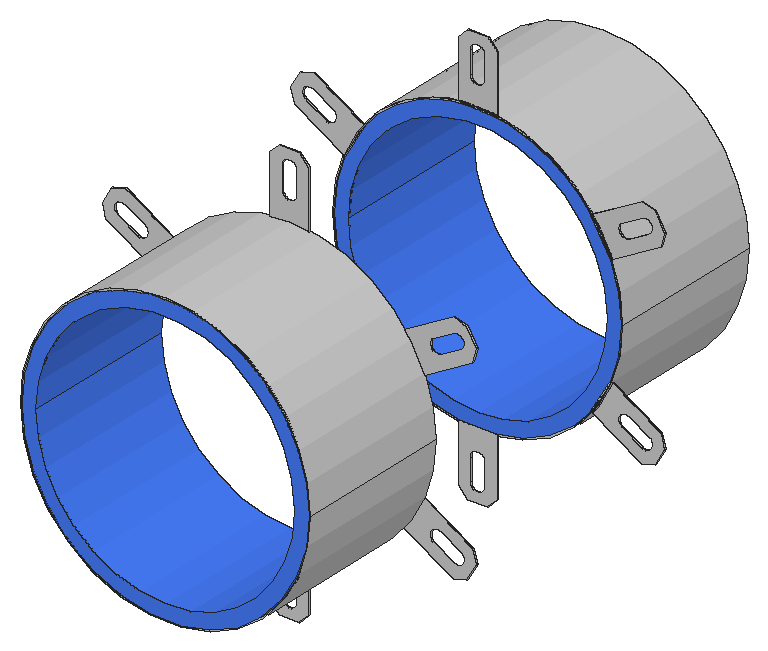
Revit family "Firestop-Wrap_Strip-STI-Series_SS_WBLU2_Sealant_6_to_12_wall", category Specialty Equipment, host Wall, Revit 2026
Family settings
  Host = Wall
  Round Connector Dimension = Use Diameter
  Part Type = Normal
  Classification Number = 23.20.50.14.11
  Enable Cutting in Views = No
  Always vertical = Yes
  Cut with Voids When Loaded = No
  Maintain Annotation Orientation = No
  Shared = No
  Room Calculation Point = No
Parameters (values of type "06 Pipe")
  Tested Systems = "http://sti.fmpdata.net/system_search.html"
  Systems  (See "Tested Systems" for addtional) = ""
  Product Page URL = "http://www.stifirestop.com/products/product-selector/ssw-intumescent-wrap-strip/"
  Product Documentation Link = "http://files.systems.stifirestop.com/4.%20Product%20Data%20Sheets/1.%20English/PDS_SSW125,%20SSW250,%20SSW375%20Wrap%20Strip.pdf"
  Pipe OD = 0' - 6 5/8"
  Material = ""
  Manufacturer Phone No. = "800.992.1180"
  Manufacturer Fax No. = "908.526.9623"
  Manufacture Address = "210 Evans Way, Somerville, NJ 08876"
  MSDS = "http://files.systems.stifirestop.com/5.%20Safety%20Data%20Sheet/1.%20English/SDS_BLU2%20Wrap%20Strip.pdf"
  Locate Distributor = "http://www.stifirestop.com/"
  Guide Specification = "http://www.stifirestop.com/technical-library/sti-guide-specs/"
  Green Building/LEED® Information = "http://sti.fmpdata.net/ftp/letters/General_LEED_Letter.pdf"
  Firestop-STI-Intumescent-Blue = RAP BULE
  URL = "http://www.stifirestop.com/"
  Stack Height = 0' - 4"
  Screw hole Width = 0' - 0 3/8"
  Mounting tabs small Width = 0' - 0 1/2"
  Mounting tabs large Width = 0' - 1"
  Mounting tab ID = 0' - 3 163/256"
  Model = "SSWBLU2"
  Manufacturer = "Specified Technologies Inc."
  ID of Collar = 0' - 7 3/8"
  Fire Rating = "Up to 4 Hr"
  Description = "BLU2 Wrap Strip (2\" X 1/8\" X 12')"
  Default Elevation = 0' - 0"
  Contact Technical Service = "http://www.stifirestop.com/contact/"
  Contact Sales = "http://www.stifirestop.com/contact/"
  Galvanized-STI-Steel-Collar = Collar
  Color = ""
  Assembly Code = "D4030900"
Types (5): name | Pipe OD | Material | Stack Height | Mounting tab ID | ID of Collar | Color
  (no name) | 0' - 6 5/8" | "" | 0' - 4" | 0' - 3 163/256" | 0' - 7 3/8" | ""
  06 Pipe | 0' - 6 5/8" | "" | 0' - 4" | 0' - 3 163/256" | 0' - 7 3/8" | ""
  08 Pipe | 0' - 8 5/8" | "" | 0' - 4" | 0' - 4 195/256" | 0' - 9 5/8" | ""
  10 pipe | 0' - 10 3/4" | "" | 0' - 5" | 0' - 5 211/256" | 0' - 11 3/4" | ""
  12 Pipe | 1' - 0 3/4" | "Flexible intumescent strip faced with plastic" | 0' - 5" | 0' - 6 243/256" | 1' - 2" | "BLUE"
Reference planes (in)
  plane 1: y = 0
  plane 2 "Center (Left/Right)": x = 0
  plane 3 "Wall Edge": y = 3
  plane 4: z = 72.74094
  plane 5: x = 3.3125
  plane 6: z = 76.05344
  plane 7: z = 69.42844
  plane 8: x = -3.3125
  plane 9: x = 3.6875
  plane 10: z = 76.80344
  plane 11: z = 68.67844
  plane 12: x = -3.6875
  plane 13: y = 7
  plane 14: z = 78.12766
  plane 15: z = 76.37766
  plane 16: x = 0.5
  plane 17: x = -0.5
  plane 18: z = 77.87766
  plane 19: x = 0.25
  plane 20: x = -0.25
  plane 21: x = 0.1875
  plane 22: x = -0.1875
  plane 23: z = 77.69016
  plane 24: z = 77.12766
  plane 25: y = 3.024
  plane 26: through (-4.82984, 9, 75.52946) normal (-0.5, 0, -0.866)
  plane 27: y = -6.99275
  plane 28: y = -3.024
  plane 29: z = 67.35423
  plane 30: z = 69.10423
  plane 31: x = 0.5
  plane 32: x = -0.5
  plane 33: z = 67.60423
  plane 34: x = 0.25
  plane 35: x = -0.25
  plane 36: x = 0.1875
  plane 37: x = -0.1875
  plane 38: z = 67.79173
  plane 39: z = 68.35423
  plane 40: through (9.97658, 9, 44.68756) normal (0.866, 0, 0.5)
  plane 41: through (11.49213, 9, 45.56256) normal (0.866, 0, 0.5)
  plane 42: through (-2.86547, 9, 70.50921) normal (-0.5, 0, 0.866)
  plane 43: through (-3.36547, 9, 71.37524) normal (-0.5, 0, 0.866)
  plane 44: through (10.19309, 9, 44.81256) normal (0.866, 0, 0.5)
  plane 45: through (-2.99047, 9, 70.72572) normal (-0.5, 0, 0.866)
  plane 46: through (-3.24047, 9, 71.15873) normal (-0.5, 0, 0.866)
  plane 47: through (-3.02172, 9, 70.77984) normal (-0.5, 0, 0.866)
  plane 48: through (-3.20922, 9, 71.1046) normal (-0.5, 0, 0.866)
  plane 49: through (10.35547, 9, 44.90631) normal (0.866, 0, 0.5)
  plane 50: through (10.84261, 9, 45.18756) normal (0.866, 0, 0.5)
  plane 51: through (19.30665, 9, 50.07428) normal (0.866, 0, 0.5)
  plane 52: through (17.79111, 9, 49.19928) normal (0.866, 0, 0.5)
  plane 53: through (3.36547, 9, 74.10665) normal (0.5, 0, -0.866)
  plane 54: through (2.86547, 9, 74.97268) normal (0.5, 0, -0.866)
  plane 55: through (19.09015, 9, 49.94928) normal (0.866, 0, 0.5)
  plane 56: through (3.24047, 9, 74.32316) normal (0.5, 0, -0.866)
  plane 57: through (2.99047, 9, 74.75617) normal (0.5, 0, -0.866)
  plane 58: through (3.20922, 9, 74.37728) normal (0.5, 0, -0.866)
  plane 59: through (3.02172, 9, 74.70204) normal (0.5, 0, -0.866)
  plane 60: through (18.92777, 9, 49.85553) normal (0.866, 0, 0.5)
  plane 61: through (18.44063, 9, 49.57428) normal (0.866, 0, 0.5)
  plane 62: through (-9.97658, 9, 44.68756) normal (0.866, 0, -0.5)
  plane 63: through (-11.49213, 9, 45.56256) normal (0.866, 0, -0.5)
  plane 64: through (2.86547, 9, 70.50921) normal (-0.5, 0, -0.866)
  plane 65: through (3.36547, 9, 71.37524) normal (-0.5, 0, -0.866)
  plane 66: through (-10.19309, 9, 44.81256) normal (0.866, 0, -0.5)
  plane 67: through (2.99047, 9, 70.72572) normal (-0.5, 0, -0.866)
  plane 68: through (3.24047, 9, 71.15873) normal (-0.5, 0, -0.866)
  plane 69: through (3.02172, 9, 70.77984) normal (-0.5, 0, -0.866)
  plane 70: through (3.20922, 9, 71.1046) normal (-0.5, 0, -0.866)
  plane 71: through (-10.35547, 9, 44.90631) normal (0.866, 0, -0.5)
  plane 72: through (-10.84261, 9, 45.18756) normal (0.866, 0, -0.5)
  plane 73: through (9.97658, 9, 100.79433) normal (-0.866, 0, 0.5)
  plane 74: through (11.49213, 9, 99.91933) normal (-0.866, 0, 0.5)
  plane 75: through (-2.86547, 9, 74.97268) normal (0.5, 0, 0.866)
  plane 76: through (-3.36547, 9, 74.10665) normal (0.5, 0, 0.866)
  plane 77: through (10.19309, 9, 100.66933) normal (-0.866, 0, 0.5)
  plane 78: through (-2.99047, 9, 74.75617) normal (0.5, 0, 0.866)
  plane 79: through (-3.24047, 9, 74.32316) normal (0.5, 0, 0.866)
  plane 80: through (-3.02172, 9, 74.70204) normal (0.5, 0, 0.866)
  plane 81: through (-3.20922, 9, 74.37728) normal (0.5, 0, 0.866)
  plane 82: through (10.35547, 9, 100.57558) normal (-0.866, 0, 0.5)
  plane 83: through (10.84261, 9, 100.29433) normal (-0.866, 0, 0.5)
  plane 84: through (14.64162, 9, 98.10097) normal (-0.866, 0, 0.5)
  plane 85: x = 3.71875
  plane 86: x = -3.71875
  plane 87: through (-4.81727, 9, 69.95969) normal (0.5, 0, -0.866)
  plane 88: through (4.81727, 9, 69.95969) normal (0.5, 0, 0.866)
  plane 89: through (4.81727, 9, 75.52219) normal (-0.5, 0, 0.866)
  plane 90: through (14.64162, 9, 47.38092) normal (0.866, 0, 0.5)
  plane 91: y = -2.99275
Forms (in)
  Extrusion 1, solid, material "Collar" <- "Galvanized-STI-Steel-Collar"
    sketch origin (0, 3, 0) x (1, 0, 0) y (0, 0, 1)
      loop
        line (0.5, 77.87766) -> (0.25, 78.12766) -> (-0.25, 78.12766) -> (-0.5, 77.87766) -> (-0.5, 76.37766) -> (0.5, 76.37766) -> (0.5, 77.87766)
      loop
        arc (0.1875, 77.69016) -> (0, 77.87766) -> (-0.1875, 77.69016) r 0.1875
        line (-0.1875, 77.69016) -> (-0.1875, 77.12766)
        arc (-0.1875, 77.12766) -> (0, 76.94016) -> (0.1875, 77.12766) r 0.1875
        line (0.1875, 77.12766) -> (0.1875, 77.69016)
    from -0.024 to 0
  Extrusion 2, solid, material "Collar" <- "Galvanized-STI-Steel-Collar"
    sketch origin (0, 3, 145.48189) x (1, 0, 0) y (0, 0, 1)
      loop
        line (0.5, -77.87766) -> (0.5, -76.37766) -> (-0.5, -76.37766) -> (-0.5, -77.87766) -> (-0.25, -78.12766) -> (0.25, -78.12766) -> (0.5, -77.87766)
      loop
        line (0.1875, -77.69016) -> (0.1875, -77.12766)
        arc (0.1875, -77.12766) -> (0, -76.94016) -> (-0.1875, -77.12766) r 0.1875
        line (-0.1875, -77.12766) -> (-0.1875, -77.69016)
        arc (-0.1875, -77.69016) -> (0, -77.87766) -> (0.1875, -77.69016) r 0.1875
    from -0.024 to 0
  Extrusion 3, solid, material "Collar" <- "Galvanized-STI-Steel-Collar"
    sketch origin (62.99551, 3, 109.11142) x (0.5, 0, -0.866025) y (0.866025, 0, 0.5)
      loop
        line (0.5, -77.87766) -> (0.5, -76.37766) -> (-0.5, -76.37766) -> (-0.5, -77.87766) -> (-0.25, -78.12766) -> (0.25, -78.12766) -> (0.5, -77.87766)
      loop
        line (0.1875, -77.69016) -> (0.1875, -77.12766)
        arc (0.1875, -77.12766) -> (0, -76.94016) -> (-0.1875, -77.12766) r 0.1875
        line (-0.1875, -77.12766) -> (-0.1875, -77.69016)
        arc (-0.1875, -77.69016) -> (0, -77.87766) -> (0.1875, -77.69016) r 0.1875
    from -0.024 to 0
  Extrusion 4, solid, material "Collar" <- "Galvanized-STI-Steel-Collar"
    sketch origin (62.99551, 3, 36.37047) x (0.5, 0, 0.866025) y (-0.866025, 0, 0.5)
      loop
        line (0.5, 77.87766) -> (0.25, 78.12766) -> (-0.25, 78.12766) -> (-0.5, 77.87766) -> (-0.5, 76.37766) -> (0.5, 76.37766) -> (0.5, 77.87766)
      loop
        arc (0.1875, 77.69016) -> (0, 77.87766) -> (-0.1875, 77.69016) r 0.1875
        line (-0.1875, 77.69016) -> (-0.1875, 77.12766)
        arc (-0.1875, 77.12766) -> (0, 76.94016) -> (0.1875, 77.12766) r 0.1875
        line (0.1875, 77.12766) -> (0.1875, 77.69016)
    from -0.024 to 0
  Extrusion 5, solid, material "Collar" <- "Galvanized-STI-Steel-Collar"
    sketch origin (-62.99551, 3, 109.11142) x (-0.5, 0, -0.866025) y (0.866025, 0, -0.5)
      loop
        line (0.5, 77.87766) -> (0.25, 78.12766) -> (-0.25, 78.12766) -> (-0.5, 77.87766) -> (-0.5, 76.37766) -> (0.5, 76.37766) -> (0.5, 77.87766)
      loop
        arc (0.1875, 77.69016) -> (0, 77.87766) -> (-0.1875, 77.69016) r 0.1875
        line (-0.1875, 77.69016) -> (-0.1875, 77.12766)
        arc (-0.1875, 77.12766) -> (0, 76.94016) -> (0.1875, 77.12766) r 0.1875
        line (0.1875, 77.12766) -> (0.1875, 77.69016)
    from -0.024 to 0
  Extrusion 6, solid, material "Collar" <- "Galvanized-STI-Steel-Collar"
    sketch origin (-62.99551, 3, 36.37047) x (-0.5, 0, 0.866025) y (-0.866025, 0, -0.5)
      loop
        line (0.5, -77.87766) -> (0.5, -76.37766) -> (-0.5, -76.37766) -> (-0.5, -77.87766) -> (-0.25, -78.12766) -> (0.25, -78.12766) -> (0.5, -77.87766)
      loop
        line (0.1875, -77.69016) -> (0.1875, -77.12766)
        arc (0.1875, -77.12766) -> (0, -76.94016) -> (-0.1875, -77.12766) r 0.1875
        line (-0.1875, -77.12766) -> (-0.1875, -77.69016)
        arc (-0.1875, -77.69016) -> (0, -77.87766) -> (0.1875, -77.69016) r 0.1875
    from -0.024 to 0
  Extrusion 7, solid, material "Collar" <- "Galvanized-STI-Steel-Collar"
    sketch origin (0, -3, 0) x (1, 0, 0) y (0, 0, -1)
      loop
        line (0.5, -77.87766) -> (0.5, -76.37766) -> (-0.5, -76.37766) -> (-0.5, -77.87766) -> (-0.25, -78.12766) -> (0.25, -78.12766) -> (0.5, -77.87766)
      loop
        line (0.1875, -77.69016) -> (0.1875, -77.12766)
        arc (0.1875, -77.12766) -> (0, -76.94016) -> (-0.1875, -77.12766) r 0.1875
        line (-0.1875, -77.12766) -> (-0.1875, -77.69016)
        arc (-0.1875, -77.69016) -> (0, -77.87766) -> (0.1875, -77.69016) r 0.1875
    from -0.024 to 0
  Extrusion 8, solid, material "Collar" <- "Galvanized-STI-Steel-Collar"
    sketch origin (0, -3, 145.48189) x (1, 0, 0) y (0, 0, -1)
      loop
        line (0.5, 77.87766) -> (0.25, 78.12766) -> (-0.25, 78.12766) -> (-0.5, 77.87766) -> (-0.5, 76.37766) -> (0.5, 76.37766) -> (0.5, 77.87766)
      loop
        arc (0.1875, 77.69016) -> (0, 77.87766) -> (-0.1875, 77.69016) r 0.1875
        line (-0.1875, 77.69016) -> (-0.1875, 77.12766)
        arc (-0.1875, 77.12766) -> (0, 76.94016) -> (0.1875, 77.12766) r 0.1875
        line (0.1875, 77.12766) -> (0.1875, 77.69016)
    from -0.024 to 0
  Extrusion 9, solid, material "Collar" <- "Galvanized-STI-Steel-Collar"
    sketch origin (62.99551, -3, 109.11142) x (0.5, 0, -0.866025) y (-0.866025, 0, -0.5)
      loop
        line (0.5, 77.87766) -> (0.25, 78.12766) -> (-0.25, 78.12766) -> (-0.5, 77.87766) -> (-0.5, 76.37766) -> (0.5, 76.37766) -> (0.5, 77.87766)
      loop
        arc (0.1875, 77.69016) -> (0, 77.87766) -> (-0.1875, 77.69016) r 0.1875
        line (-0.1875, 77.69016) -> (-0.1875, 77.12766)
        arc (-0.1875, 77.12766) -> (0, 76.94016) -> (0.1875, 77.12766) r 0.1875
        line (0.1875, 77.12766) -> (0.1875, 77.69016)
    from -0.024 to 0
  Extrusion 10, solid, material "Collar" <- "Galvanized-STI-Steel-Collar"
    sketch origin (62.99551, -3, 36.37047) x (0.5, 0, 0.866025) y (0.866025, 0, -0.5)
      loop
        line (0.5, -77.87766) -> (0.5, -76.37766) -> (-0.5, -76.37766) -> (-0.5, -77.87766) -> (-0.25, -78.12766) -> (0.25, -78.12766) -> (0.5, -77.87766)
      loop
        line (0.1875, -77.69016) -> (0.1875, -77.12766)
        arc (0.1875, -77.12766) -> (0, -76.94016) -> (-0.1875, -77.12766) r 0.1875
        line (-0.1875, -77.12766) -> (-0.1875, -77.69016)
        arc (-0.1875, -77.69016) -> (0, -77.87766) -> (0.1875, -77.69016) r 0.1875
    from -0.024 to 0
  Extrusion 11, solid, material "Collar" <- "Galvanized-STI-Steel-Collar"
    sketch origin (-62.99551, -3, 109.11142) x (-0.5, 0, -0.866025) y (-0.866025, 0, 0.5)
      loop
        line (0.5, -77.87766) -> (0.5, -76.37766) -> (-0.5, -76.37766) -> (-0.5, -77.87766) -> (-0.25, -78.12766) -> (0.25, -78.12766) -> (0.5, -77.87766)
      loop
        line (0.1875, -77.69016) -> (0.1875, -77.12766)
        arc (0.1875, -77.12766) -> (0, -76.94016) -> (-0.1875, -77.12766) r 0.1875
        line (-0.1875, -77.12766) -> (-0.1875, -77.69016)
        arc (-0.1875, -77.69016) -> (0, -77.87766) -> (0.1875, -77.69016) r 0.1875
    from -0.024 to 0
  Extrusion 12, solid, material "Collar" <- "Galvanized-STI-Steel-Collar"
    sketch origin (-62.99551, -3, 36.37047) x (-0.5, 0, 0.866025) y (0.866025, 0, 0.5)
      loop
        line (0.5, 77.87766) -> (0.25, 78.12766) -> (-0.25, 78.12766) -> (-0.5, 77.87766) -> (-0.5, 76.37766) -> (0.5, 76.37766) -> (0.5, 77.87766)
      loop
        arc (0.1875, 77.69016) -> (0, 77.87766) -> (-0.1875, 77.69016) r 0.1875
        line (-0.1875, 77.69016) -> (-0.1875, 77.12766)
        arc (-0.1875, 77.12766) -> (0, 76.94016) -> (0.1875, 77.12766) r 0.1875
        line (0.1875, 77.12766) -> (0.1875, 77.69016)
    from -0.024 to 0
  Extrusion 13, solid, material "Collar" <- "Galvanized-STI-Steel-Collar"
    sketch origin (0, 3, 0) x (1, 0, 0) y (0, 0, 1)
      loop
        circle (0, 72.74094) r 3.71875
      loop
        circle (0, 72.74094) r 3.6875
    from -4 to 0
  Extrusion 14, solid, material "Collar" <- "Galvanized-STI-Steel-Collar"
    sketch origin (0, -3, 0) x (1, 0, 0) y (0, 0, -1)
      loop
        circle (0, -72.74094) r 3.71875
      loop
        circle (0, -72.74094) r 3.6875
    from -3.99275 to 0
  Extrusion 15, solid, material "RAP BULE" <- "Firestop-STI-Intumescent-Blue"
    sketch origin (0, 3, 0) x (1, 0, 0) y (0, 0, 1)
      loop
        circle (0, 72.74094) r 3.6875
      loop
        circle (0, 72.74094) r 3.3125
    from -4 to 0
  Extrusion 16, solid, material "RAP BULE" <- "Firestop-STI-Intumescent-Blue"
    sketch origin (0, 3, 0) x (1, 0, 0) y (0, 0, 1)
      loop
        circle (0, 72.74094) r 3.6875
      loop
        circle (0, 72.74094) r 3.3125
    from 9.99275 to 6
Lines and regions (in)
  Opening 1
    outline origin (-60, -3, 0) x (1, 0, 0) y (0, 0, 1)
      loop
        circle (60, 72.74094) r 3.3125
Text (in)
  text "Placement Side" at (0, 40.15149, 123.01588), in view "Right"
  text "Placement Side" at (-70.3804, 28.46503, 0), in view "Ref. Level"
  text "Placement Side" at (0, 81.62555, 140.59947), in view "Left"
Dimensions and locks (in)
  locked: plane 3 "Wall Edge" to host wall
  locked: plane 25 to plane 3 "Wall Edge" at 0.024
  equal spacing: plane 25, plane 1, plane 28
  equal spacing: plane 5, plane 2 "Center (Left/Right)", plane 8
  "Pipe OD": plane 5 to plane 8
  equal spacing: plane 9, plane 2 "Center (Left/Right)", plane 12
  "ID of Collar": plane 9 to plane 12
  locked: plane 18 to plane 14 at 0.25
  locked: plane 23 to plane 14 at 0.4375
  locked: plane 24 to plane 14 at 1
  locked: plane 15 to plane 14 at 1.75
  "Mounting tab ID": plane 4 to plane 15
  equal spacing: plane 21, plane 2 "Center (Left/Right)", plane 22
  "Screw hole Width": plane 21 to plane 22
  equal spacing: plane 19, plane 2 "Center (Left/Right)", plane 20
  "Mounting tabs small Width": plane 19 to plane 20
  equal spacing: plane 16, plane 2 "Center (Left/Right)", plane 17
  "Mounting tabs large Width": plane 16 to plane 17
  equal spacing: plane 80, plane 26, plane 81
  "Screw hole Width": plane 80 to plane 81
  equal spacing: plane 78, plane 26, plane 79
  "Mounting tabs small Width": plane 78 to plane 79
  equal spacing: plane 75, plane 26, plane 76
  "Mounting tabs large Width": plane 75 to plane 76
  locked: plane 73 to plane 77 at 0.25
  locked: plane 73 to plane 82 at 0.4375
  locked: plane 73 to plane 83 at 1
  locked: plane 73 to plane 74 at 1.75
  "Mounting tab ID": plane 74 to plane 84
  equal spacing: plane 36, plane 2 "Center (Left/Right)", plane 37
  "Screw hole Width": plane 36 to plane 37
  equal spacing: plane 34, plane 2 "Center (Left/Right)", plane 35
  "Mounting tabs small Width": plane 34 to plane 35
  equal spacing: plane 31, plane 2 "Center (Left/Right)", plane 32
  "Mounting tabs large Width": plane 31 to plane 32
  locked: plane 29 to plane 33 at 0.25
  locked: plane 29 to plane 38 at 0.4375
  locked: plane 29 to plane 39 at 1
  locked: plane 29 to plane 30 at 1.75
  "Mounting tab ID": plane 30 to plane 4
  equal spacing: plane 48, plane 87, plane 47
  "Screw hole Width": plane 48 to plane 47
  equal spacing: plane 46, plane 87, plane 45
  "Mounting tabs small Width": plane 46 to plane 45
  equal spacing: plane 43, plane 87, plane 42
  "Mounting tabs large Width": plane 43 to plane 42
  locked: plane 40 to plane 44 at 0.25
  locked: plane 40 to plane 49 at 0.4375
  locked: plane 40 to plane 50 at 1
  locked: plane 40 to plane 41 at 1.75
  equal spacing: plane 69, plane 88, plane 70
  "Screw hole Width": plane 69 to plane 70
  equal spacing: plane 67, plane 88, plane 68
  "Mounting tabs small Width": plane 67 to plane 68
  equal spacing: plane 64, plane 88, plane 65
  "Mounting tabs large Width": plane 64 to plane 65
  locked: plane 62 to plane 66 at 0.25
  locked: plane 62 to plane 71 at 0.4375
  locked: plane 62 to plane 72 at 1
  locked: plane 62 to plane 63 at 1.75
  "Mounting tab ID": plane 63 to plane 84
  "Mounting tab ID": plane 41 to plane 90
  equal spacing: plane 58, plane 89, plane 59
  "Screw hole Width": plane 58 to plane 59
  equal spacing: plane 56, plane 89, plane 57
  "Mounting tabs small Width": plane 56 to plane 57
  equal spacing: plane 53, plane 89, plane 54
  "Mounting tabs large Width": plane 53 to plane 54
  locked: plane 51 to plane 55 at 0.25
  locked: plane 51 to plane 60 at 0.4375
  locked: plane 51 to plane 61 at 1
  locked: plane 51 to plane 52 at 1.75
  "Mounting tab ID": plane 52 to plane 90
  locked: plane 85 to plane 9 at 0.03125
  locked: plane 86 to plane 12 at 0.03125
  "Stack Height": plane 13 to plane 3 "Wall Edge"
  locked: plane 91 to plane 28 at 0.03125
  "Stack Height": plane 91 to plane 27
  aligned and locked: plane 25 to Extrusion 1
  aligned and locked: Extrusion 1 to host wall
  aligned and locked: Extrusion 2 to host wall
  aligned and locked: plane 25 to Extrusion 2
  aligned and locked: Extrusion 3 to host wall
  aligned and locked: plane 25 to Extrusion 3
  aligned and locked: Extrusion 5 to host wall
  aligned and locked: plane 25 to Extrusion 5
  aligned and locked: Extrusion 4 to host wall
  aligned and locked: plane 25 to Extrusion 4
  aligned and locked: Extrusion 6 to host wall
  aligned and locked: plane 25 to Extrusion 6
  aligned and locked: Extrusion 11 to host wall
  aligned and locked: Extrusion 9 to host wall
  aligned and locked: Extrusion 12 to host wall
  aligned and locked: Extrusion 10 to host wall
  aligned and locked: Extrusion 7 to host wall
  aligned and locked: plane 28 to Extrusion 8
  aligned and locked: plane 28 to Extrusion 9
  aligned and locked: plane 28 to Extrusion 11
  aligned and locked: plane 28 to Extrusion 12
  aligned and locked: plane 28 to Extrusion 10
  aligned and locked: plane 28 to Extrusion 7
  aligned and locked: Extrusion 8 to host wall
  aligned and locked: plane 4 to Extrusion 13 sketch curve  (x2)
  aligned and locked: plane 85 to Extrusion 13 sketch curve
  aligned and locked: plane 5 to Opening 1 sketch curve
  aligned and locked: plane 13 to Extrusion 13
  aligned and locked: Extrusion 13 to host wall
  aligned and locked: Extrusion 14 to host wall
  aligned and locked: plane 27 to Extrusion 14
  aligned and locked: plane 9 to Extrusion 15 sketch curve
  aligned and locked: plane 5 to Extrusion 15 sketch curve
  aligned and locked: Extrusion 15 to host wall
  aligned and locked: plane 13 to Extrusion 15
  aligned and locked: Extrusion 16 to host wall
  aligned and locked: plane 27 to Extrusion 16
Automatic sketch dimensions
  Extrusion 1 sketch curve to plane 15 = 0' - 0"
  Extrusion 1 sketch curve to plane 17 = 0' - 0"
  Extrusion 1 sketch curve to plane 14 = 0' - 0"
  Extrusion 1 sketch curve to plane 20 = 0' - 0"
  Extrusion 1 sketch curve to plane 22 = 0' - 0"
  Extrusion 1 sketch curve to plane 2 "Center (Left/Right)" = 0' - 0"
  Extrusion 1 sketch curve to plane 19 = 0' - 0"
  Extrusion 1 sketch curve to plane 16 = 0' - 0"
  Extrusion 1 sketch curve to plane 24 = 0' - 0"
  Extrusion 1 sketch curve to plane 23 = 0' - 0"
  Extrusion 1 sketch curve to plane 18 = 0' - 0"  (x2)
  plane 17 to Extrusion 2 sketch curve = 0' - 0"
  plane 20 to Extrusion 2 sketch curve = 0' - 0"
  plane 22 to Extrusion 2 sketch curve = 0' - 0"
  Extrusion 2 sketch curve to plane 2 "Center (Left/Right)" = 0' - 0"
  plane 19 to Extrusion 2 sketch curve = 0' - 0"
  plane 16 to Extrusion 2 sketch curve = 0' - 0"
  Extrusion 2 sketch curve to plane 30 = 0' - 0"
  Extrusion 2 sketch curve to plane 39 = 0' - 0"
  Extrusion 2 sketch curve to plane 38 = 0' - 0"
  Extrusion 2 sketch curve to plane 33 = 0' - 0"  (x2)
  Extrusion 2 sketch curve to plane 29 = 0' - 0"
  plane 41 to Extrusion 3 sketch curve = 0' - 0"
  plane 43 to Extrusion 3 sketch curve = 0' - 0"
  plane 40 to Extrusion 3 sketch curve = 0' - 0"
  plane 46 to Extrusion 3 sketch curve = 0' - 0"
  plane 48 to Extrusion 3 sketch curve = 0' - 0"
  plane 49 to Extrusion 3 sketch curve = 0' - 0"
  plane 87 to Extrusion 3 sketch curve = 0' - 0"
  plane 45 to Extrusion 3 sketch curve = 0' - 0"
  plane 42 to Extrusion 3 sketch curve = 0' - 0"
  plane 50 to Extrusion 3 sketch curve = 0' - 0"
  plane 44 to Extrusion 3 sketch curve = 0' - 0"  (x2)
  Extrusion 4 sketch curve to plane 64 = 0' - 0"
  Extrusion 4 sketch curve to plane 67 = 0' - 0"
  Extrusion 4 sketch curve to plane 69 = 0' - 0"
  Extrusion 4 sketch curve to plane 26 = 0' - 0"
  Extrusion 4 sketch curve to plane 68 = 0' - 0"
  Extrusion 4 sketch curve to plane 65 = 0' - 0"
  plane 74 to Extrusion 4 sketch curve = 0' - 0"
  plane 83 to Extrusion 4 sketch curve = 0' - 0"
  plane 82 to Extrusion 4 sketch curve = 0' - 0"
  plane 77 to Extrusion 4 sketch curve = 0' - 0"  (x2)
  plane 73 to Extrusion 4 sketch curve = 0' - 0"
  Extrusion 5 sketch curve to plane 63 = 0' - 0"
  plane 65 to Extrusion 5 sketch curve = 0' - 0"
  Extrusion 5 sketch curve to plane 62 = 0' - 0"
  plane 68 to Extrusion 5 sketch curve = 0' - 0"
  plane 70 to Extrusion 5 sketch curve = 0' - 0"
  plane 26 to Extrusion 5 sketch curve = 0' - 0"
  plane 67 to Extrusion 5 sketch curve = 0' - 0"
  plane 64 to Extrusion 5 sketch curve = 0' - 0"
  Extrusion 5 sketch curve to plane 72 = 0' - 0"
  Extrusion 5 sketch curve to plane 71 = 0' - 0"
  Extrusion 5 sketch curve to plane 66 = 0' - 0"  (x2)
  Extrusion 6 sketch curve to plane 42 = 0' - 0"
  Extrusion 6 sketch curve to plane 45 = 0' - 0"
  Extrusion 6 sketch curve to plane 47 = 0' - 0"
  Extrusion 6 sketch curve to plane 60 = 0' - 0"
  Extrusion 6 sketch curve to plane 87 = 0' - 0"
  Extrusion 6 sketch curve to plane 46 = 0' - 0"
  Extrusion 6 sketch curve to plane 43 = 0' - 0"
  Extrusion 6 sketch curve to plane 52 = 0' - 0"
  Extrusion 6 sketch curve to plane 61 = 0' - 0"
  Extrusion 6 sketch curve to plane 55 = 0' - 0"  (x2)
  Extrusion 6 sketch curve to plane 51 = 0' - 0"
  Extrusion 7 sketch curve to plane 15 = 0' - 0"
  plane 17 to Extrusion 7 sketch curve = 0' - 0"
  Extrusion 7 sketch curve to plane 14 = 0' - 0"
  plane 20 to Extrusion 7 sketch curve = 0' - 0"
  plane 22 to Extrusion 7 sketch curve = 0' - 0"
  Extrusion 7 sketch curve to plane 2 "Center (Left/Right)" = 0' - 0"
  plane 19 to Extrusion 7 sketch curve = 0' - 0"
  plane 16 to Extrusion 7 sketch curve = 0' - 0"
  Extrusion 7 sketch curve to plane 18 = 0' - 0"  (x2)
  Extrusion 7 sketch curve to plane 23 = 0' - 0"
  Extrusion 7 sketch curve to plane 24 = 0' - 0"
  Extrusion 8 sketch curve to plane 17 = 0' - 0"
  Extrusion 8 sketch curve to plane 20 = 0' - 0"
  Extrusion 8 sketch curve to plane 22 = 0' - 0"
  Extrusion 8 sketch curve to plane 2 "Center (Left/Right)" = 0' - 0"
  Extrusion 8 sketch curve to plane 19 = 0' - 0"
  Extrusion 8 sketch curve to plane 16 = 0' - 0"
  Extrusion 8 sketch curve to plane 30 = 0' - 0"
  Extrusion 8 sketch curve to plane 39 = 0' - 0"
  Extrusion 8 sketch curve to plane 38 = 0' - 0"
  Extrusion 8 sketch curve to plane 33 = 0' - 0"  (x2)
  Extrusion 8 sketch curve to plane 29 = 0' - 0"
  plane 41 to Extrusion 9 sketch curve = 0' - 0"
  Extrusion 9 sketch curve to plane 43 = 0' - 0"
  plane 40 to Extrusion 9 sketch curve = 0' - 0"
  Extrusion 9 sketch curve to plane 46 = 0' - 0"
  Extrusion 9 sketch curve to plane 48 = 0' - 0"
  plane 49 to Extrusion 9 sketch curve = 0' - 0"
  Extrusion 9 sketch curve to plane 87 = 0' - 0"
  Extrusion 9 sketch curve to plane 45 = 0' - 0"
  Extrusion 9 sketch curve to plane 42 = 0' - 0"
  plane 50 to Extrusion 9 sketch curve = 0' - 0"
  plane 44 to Extrusion 9 sketch curve = 0' - 0"  (x2)
  plane 64 to Extrusion 10 sketch curve = 0' - 0"
  plane 67 to Extrusion 10 sketch curve = 0' - 0"
  plane 69 to Extrusion 10 sketch curve = 0' - 0"
  plane 26 to Extrusion 10 sketch curve = 0' - 0"
  plane 68 to Extrusion 10 sketch curve = 0' - 0"
  plane 65 to Extrusion 10 sketch curve = 0' - 0"
  plane 73 to Extrusion 10 sketch curve = 0' - 0"
  plane 77 to Extrusion 10 sketch curve = 0' - 0"  (x2)
  plane 82 to Extrusion 10 sketch curve = 0' - 0"
  plane 83 to Extrusion 10 sketch curve = 0' - 0"
  plane 74 to Extrusion 10 sketch curve = 0' - 0"
  Extrusion 11 sketch curve to plane 63 = 0' - 0"
  Extrusion 11 sketch curve to plane 65 = 0' - 0"
  Extrusion 11 sketch curve to plane 62 = 0' - 0"
  Extrusion 11 sketch curve to plane 68 = 0' - 0"
  Extrusion 11 sketch curve to plane 70 = 0' - 0"
  Extrusion 11 sketch curve to plane 26 = 0' - 0"
  Extrusion 11 sketch curve to plane 67 = 0' - 0"
  Extrusion 11 sketch curve to plane 64 = 0' - 0"
  Extrusion 11 sketch curve to plane 66 = 0' - 0"  (x2)
  Extrusion 11 sketch curve to plane 71 = 0' - 0"
  Extrusion 11 sketch curve to plane 72 = 0' - 0"
  plane 42 to Extrusion 12 sketch curve = 0' - 0"
  plane 45 to Extrusion 12 sketch curve = 0' - 0"
  plane 47 to Extrusion 12 sketch curve = 0' - 0"
  Extrusion 12 sketch curve to plane 60 = 0' - 0"
  plane 87 to Extrusion 12 sketch curve = 0' - 0"
  plane 46 to Extrusion 12 sketch curve = 0' - 0"
  plane 43 to Extrusion 12 sketch curve = 0' - 0"
  Extrusion 12 sketch curve to plane 52 = 0' - 0"
  Extrusion 12 sketch curve to plane 61 = 0' - 0"
  Extrusion 12 sketch curve to plane 55 = 0' - 0"  (x2)
  Extrusion 12 sketch curve to plane 51 = 0' - 0"
  Extrusion 13 sketch curve to Extrusion 13 sketch curve = 0' - 0"  (x6)
  plane 86 to Extrusion 13 sketch curve = 0' - 0"
  plane 12 to Extrusion 13 sketch curve = 0' - 0"
  Opening 1 sketch curve to Opening 1 sketch curve = 0' - 0"  (x2)
  Opening 1 sketch curve to plane 4 = 0' - 0"
  plane 8 to Opening 1 sketch curve = 0' - 0"
  Extrusion 14 sketch curve to Extrusion 14 sketch curve = 0' - 0"  (x12)
  Extrusion 14 sketch curve to plane 4 = 0' - 0"
  plane 86 to Extrusion 14 sketch curve = 0' - 0"
  plane 12 to Extrusion 14 sketch curve = 0' - 0"
  Extrusion 14 sketch curve to plane 2 "Center (Left/Right)" = 0' - 0"
  Extrusion 15 sketch curve to Extrusion 15 sketch curve = 0' - 0"  (x12)
  Extrusion 15 sketch curve to plane 4 = 0' - 0"
  plane 12 to Extrusion 15 sketch curve = 0' - 0"
  Extrusion 16 sketch curve to Extrusion 16 sketch curve = 0' - 0"  (x12)
  Extrusion 16 sketch curve to plane 4 = 0' - 0"
  plane 12 to Extrusion 16 sketch curve = 0' - 0"
  plane 8 to Extrusion 16 sketch curve = 0' - 0"
  Extrusion 16 sketch curve to plane 2 "Center (Left/Right)" = 0' - 0"
